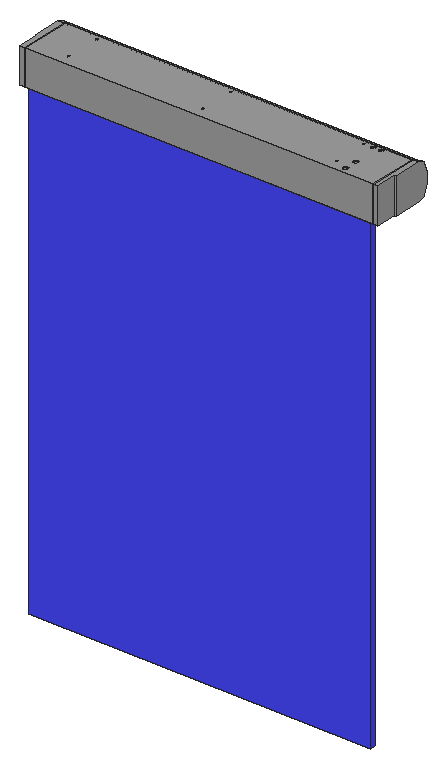
Revit family "Thermoscreens_AirCurtain_T2000NT", category Mechanical Equipment, Revit 2015
Parameters (values of type "T2000W NT")
  WarrantyStartDate(default) = "From date sold"
  WarrantyGuarantorParts = "2 years"
  WarrantyGuarantorLabour = "2 years"
  WarrantyDurationParts = "2 years"
  WarrantyDurationLabour = "2 years"
  WarrantyDescription = "Unit fully covered for 2 years from the date purchased for parts and labour unless warrantly is made void."
  Version = "1.0"
  Uniclass2 = "G52HVAC"
  Type Comments = ""
  TgeNumber(default) = "n/a"
  SustainabilityPerformance = "n/a"
  Shape = "n/a"
  Weight (kg) = "52"
  Usage current = "2.0"
  Unit Width = 233.4 mm
  Unit Length = 2200 mm
  URL = "http://www.thermoscreens.com/"
  TubingLength = "n/a"
  ThermalMassHeatCapacity = "n/a"
  ThermalEfficiency = "n/a"
  TempertureClassification = "Low temperture"
  Supply (50Hz) = "230V~1P&N"
  Status = "New"
  Size = "1137 x 198 x 275"
  ServiceLifeType = "Full cover for 2 years"
  ServiceLifeDuration = "2years"
  SerialNumber(default) = "n/a"
  Right hand assembly = yes
  ReplacementCost = "n/a"
  ReferenceStandard = "n/a"
  Reference = "n/a"
  RatedVoltage = "230v+N"
  ProductionYear = "2015"
  Product URL = "http://www.thermoscreens.com/our-product-range/t-range"
  Process = "n/a"
  PowerFactor = "n/a"
  PowerCurrent = "2.0"
  PlacementType = "n/a"
  PhaseReference = "L1 L2 L3+N+E"
  PhaseAngle = "n/a"
  OutputCapacity = "n/a"
  NumberOfSections = "n/a"
  NumberOfPoles = "n/a"
  NumberOfPanels = "n/a"
  NominalWidth = "198mm"
  NominalVoltage = "n/a"
  NominalLength = "2200mm"
  NominalHeight = "275mm"
  NominalFrequencyRange = "n/a"
  NominalCurrent = "+5% of 230v"
  NBSTypeID = "n/a"
  NBSReference = "n/a"
  NBSNote = "n/a"
  NBSDecription = "Surface mounted air curtain"
  ModelReference = "T2000W NT"
  Model = "T2000E NT"
  Min to max offset from floor = "up to 3meters"
  MethodOfMeasurement = "mm"
  MaxiumMountingHeight = "3000"
  Max.Velocity (m/s) = "7.8"
  Max. Air Volume (m3/h) = "2500"
  Material = "20 gauge sheet steel"
  ManufacturerURL = "http://www.thermoscreens.com/"
  Manufacturer = "Thermoscreens LTD"
  Loading (A)*per phase = "2.0"
  LifeCyclePhase = "n/a"
  Keynote = ""
  IssueDate = "01/04/15"
  InsulationStandardClass = "n/a"
  InstallationDate(default) = "n/a"
  IfcExportType = "n/a"
  IfcExportAs = "n/a"
  IP_Code = "IP21"
  Help = "http://www.thermoscreens.com/contact-us"
  HeatTransferMedium = "n/a"
  HeatTransferDimension = "n/a"
  HeatSource = "Electric heated elements or low pressure hot water coils"
  Heat Output (kW) = "n/a"
  HasProtectiveEarth = "True"
  Grade = "n/a"
  Finish = "Corrision resistant pre-finished 20 gauge sheet steel"
  Filters (optional) = "PS media"
  Features = "n/a"
  Fans = "100mm forward curved plastic bladed crossflow impellers"
  EnergySource = "n/a"
  ElectrialDeviceNominalPower = "n/a"
  DocumentReference = "n/a"
  Description = "Thermoscreens T range of air curtains will provide climate separation and available in standard widths of 1, 1.5 and 2m.  Models available are ambient (without heating), electrical or water heated versions. Water heated (LPHW) versions are available with 2 and 3 row coils. Motorised three port valves are supplied as standard with all LPHW models. Electrical and LPHW models are supplied complete with Ecopower control."
  Created By = "Thermoscreens"
  Cost = 0
  Constituents = "n/a"
  ConductorFunction = "n/a"
  Colour = "RAL standard 9010 (white) this can be changed upon request of the customer"
  CodePerformance = "n/a"
  Center Y = Unit Width / 2  # 116.7 mm
  Center X = Unit Length / 2  # 1100 mm
  BodyMass(kg) = "53"
  BarCode(default) = "n/a"
  BIMObjectName = "Thermoscreens_AirCurtian_T2000ANT"
  Author = "Thermoscreens ltd"
  AssetIdentifier(default) = "n/a"
  Air flow direction = yes
  Air flow = yes
  **dB(A) @3m Med = "56"
  **dB(A) @3m Low = "54"
  **dB(A) @3m High = "57"
Types (4, lengths in mm): name | WarrantyDescription | Weight (kg) | Supply (50Hz) | ModelReference | Model | Max.Velocity (m/s) | Max. Air Volume (m3/h) | IssueDate | Created By | BodyMass(kg)
  (no name) | "Unit fully covered for 2 years from the date purchased for parts and labour unless warrantly is made void." | "52" | "230V~1P&N" | "T2000W NT" | "T2000E NT" | "7.8" | "2500" | "01/04/15" | "Thermoscreens" | "53"
  T2000A NT | "Unit fully covered for 2 years" | "31" | "230V~1P&N" | "T2000A NT" | "T2000A NT" | "8.0" | "2640" | "23/03/15" | "Daniel Smith" | "50"
  T2000W NT | "Unit fully covered for 2 years from the date purchased for parts and labour unless warrantly is made void." | "52" | "230V~1P&N" | "T2000W NT" | "T2000E NT" | "7.8" | "2500" | "01/04/15" | "Thermoscreens" | "53"
  T2000E NT | "Unit fully covered for 2 years" | "31" | "400V~3P&N" | "T2000A NT" | "T2000A NT" | "8.0" | "2640" | "01/04/15" | "Daniel Smith" | "53"
Reference planes
  plane 1 "Center (Front/Back)": y = 0
  plane 2: z = 3000
  plane 3 "Center (Left/Right)": x = 0
Forms (mm)
  Extrusion 1, solid, material "Default"
    sketch origin (1100, -116.7, 3000) x (-1, 0, 0) y (0, 0, -1)
      loop
        line (0, 0) -> (0, -225) -> (2216, -225) -> (2216, 0) -> (0, 0)
    from 0 to -1.2
  Extrusion 2, solid, material "Default"
    sketch origin (1100, -116.7, 3225) x (-1, 0, 0) y (0, -1, 0)
      loop
        line (2216, 0) -> (0, 0) -> (0, -317) -> (2216, -317) -> (2216, 0)
    from 0 to -0.9
  Extrusion 3, solid, material "Default"
    sketch origin (-1100, -176.7, 3000) x (0, -1, 0) y (-1, 0, 0)
      loop
        line (-60, -2200) -> (-60, 16) -> (-377, 16) -> (-377, -2200) -> (-60, -2200)
    from 0 to -0.9
  Extrusion 4, solid, material "Default"
    sketch origin (1100, -116.7, 3000) x (0, 0, 1) y (0, -1, 0)
      loop
        line (225, -317) -> (225, 0) -> (0, 0) -> (0, -317) -> (11.971, -349.889)
        arc (11.971, -349.889) -> (112.5, -377) -> (213.029, -349.889) r 199.942
        line (213.029, -349.889) -> (225, -317)
    from 0 to 30
  Extrusion 5, solid, material "Default"
    sketch origin (-1116, -116.7, 3198) x (0, 0, -1) y (0, -1, 0)
      loop
        line (198, 0) -> (-27, 0) -> (-27, -317) -> (-15.029, -349.889)
        arc (-15.029, -349.889) -> (85.5, -377) -> (186.029, -349.889) r 199.942
        line (186.029, -349.889) -> (198, -317) -> (198, 0)
    from 0 to 30
  Extrusion 6, solid, material "Default"
    sketch origin (1100, -116.7, 3000) x (0, 0, -1) y (0, -1, 0)
      loop
        line (-225, -317) -> (-213.029, -349.889)
        arc (-213.029, -349.889) -> (-112.5, -377) -> (-11.971, -349.889) r 199.942
        line (-11.971, -349.889) -> (0, -317) -> (-225, -317)
    from 0 to 2216
  Extrusion 7, solid, material "Default"
    sketch origin (1130, -116.7, 3000) x (0, 0, 1) y (0, -1, 0)
      loop
        line (213.029, -349.889) -> (225, -317) -> (225, -130) -> (0, -130) -> (0, -317) -> (11.971, -349.889)
        arc (11.971, -349.889) -> (112.5, -377) -> (213.029, -349.889) r 199.942
    from 0 to 10
  Extrusion 8, void
    sketch origin (1130, 13.3, 3225) x (-1, 0, 0) y (0, 1, 0)
      loop
        line (0, 0) -> (-10, 10) -> (-10, 0) -> (0, 0)
    from 0 to 250
  Extrusion 9, solid, material "Default"
    sketch origin (-1146, -116.7, 3198) x (0, 0, -1) y (0, -1, 0)
      loop
        arc (-15.029, -349.889) -> (85.5, -377) -> (186.029, -349.889) r 199.942
        line (186.029, -349.889) -> (198, -317) -> (198, -130) -> (-27, -130) -> (-27, -317) -> (-15.029, -349.889)
    from 0 to 10
  Extrusion 10, void
    sketch origin (-1146, 143.3, 3225) x (1, 0, 0) y (0, -1, 0)
      loop
        line (-10, 130) -> (-10, 120) -> (0, 130) -> (-10, 130)
    from 0 to 250
  Extrusion 11, void
    sketch origin (-1100, -116.7, 3000) x (-1, 0, 0) y (0, -1, 0)
      loop
        line (-2180, -10) -> (-2180, -40) -> (-12.897, -40) -> (-4, -40) -> (-4, -10) -> (-2180, -10)
    from 0 to 0.9
  Extrusion 12, solid, material "Poche", visible <- "Air flow", detail levels fine
    sketch origin (-1100, -116.7, 3000) x (0, -1, 0) y (-1, 0, 0)
      loop
        line (-40, -12.897) -> (-40, -2180) -> (-10, -2180) -> (-10, -4) -> (-40, -4) -> (-40, -12.897)
    from 0 to 3000
  Extrusion 13, void
    sketch origin (1100, -116.7, 3225) x (0, -1, 0) y (-1, 0, 0)
      loop
        circle (-40, 206) r 15
      loop
        circle (-120, 206) r 15
      loop
        circle (-289, 288) r 5
      loop
        circle (-69, 288) r 5
      loop
        circle (-289, 1988) r 5
      loop
        circle (-69, 1988) r 5
      loop
        circle (-289, 1138) r 5
      loop
        circle (-69, 1138) r 5
      loop
        circle (-289, 181) r 12.5
      loop
        circle (-289, 231) r 12.5
    from 0 to 0.9
Cuts and joins
  Extrusion 8 cuts Extrusion 7
  joined: Extrusion 4, Extrusion 7
  Extrusion 10 cuts Extrusion 9
  joined: Extrusion 5, Extrusion 9
  Extrusion 11, Extrusion 13 cuts Extrusion 1
  Extrusion 11, Extrusion 13 cuts Extrusion 2
  Extrusion 11, Extrusion 13 cuts Extrusion 3
  Extrusion 11, Extrusion 13 cuts Extrusion 6
  joined: Extrusion 1, Extrusion 2, Extrusion 3, Extrusion 6
  Extrusion 13 cuts Extrusion 12
Dimensions and locks
  aligned and locked: level to plane 2
Connectors
  piping at (894, 3.3, 3225), diameter 30
    settings: on cut or joined group of Extrusion 1, Extrusion 2, Extrusion 3, Extrusion 6, Extrusion 11, Extrusion 13, index 1, connector inside diameter 609.6 mm, connector length 0 mm, flow factor 0, pipe flow 0.0 L/s, pressure drop 0.0 Pa, fitting loss kfactor 0, connector angle 0.00°, fixture units 0, engagement length 0 mm, angle of deflection 0.00°, flow configuration 0, flow direction 1, fitting loss method 4, system type 19, joint type 0, gender type 0, connector reference index -1, connector utility 0, adjustable connector no, is connector primary yes, connector description ""
  piping at (894, -76.7, 3225), diameter 30
    settings: on cut or joined group of Extrusion 1, Extrusion 2, Extrusion 3, Extrusion 6, Extrusion 11, Extrusion 13, index 2, connector inside diameter 609.6 mm, connector length 0 mm, flow factor 0, pipe flow 0.0 L/s, pressure drop 0.0 Pa, fitting loss kfactor 0, connector angle 0.00°, fixture units 0, engagement length 0 mm, angle of deflection 0.00°, flow configuration 0, flow direction 2, fitting loss method 0, system type 19, joint type 0, gender type 0, connector reference index -1, connector utility 0, adjustable connector no, is connector primary no, connector description ""
  piping at (812, 172.3, 3225), diameter 10
    settings: on cut or joined group of Extrusion 1, Extrusion 2, Extrusion 3, Extrusion 6, Extrusion 11, Extrusion 13, index 3, connector inside diameter 609.6 mm, connector length 0 mm, flow factor 0, pipe flow 0.0 L/s, pressure drop 0.0 Pa, fitting loss kfactor 0, connector angle 0.00°, fixture units 0, engagement length 0 mm, angle of deflection 0.00°, flow configuration 0, flow direction 0, fitting loss method 0, system type 28, joint type 0, gender type 0, connector reference index -1, connector utility 0, adjustable connector no, is connector primary no, connector description ""
  piping at (812, -47.7, 3225), diameter 10
    settings: on cut or joined group of Extrusion 1, Extrusion 2, Extrusion 3, Extrusion 6, Extrusion 11, Extrusion 13, index 4, connector inside diameter 609.6 mm, connector length 0 mm, flow factor 0, pipe flow 0.0 L/s, pressure drop 0.0 Pa, fitting loss kfactor 0, connector angle 0.00°, fixture units 0, engagement length 0 mm, angle of deflection 0.00°, flow configuration 0, flow direction 0, fitting loss method 0, system type 28, joint type 0, gender type 0, connector reference index -1, connector utility 0, adjustable connector no, is connector primary no, connector description ""
  piping at (-38, 172.3, 3225), diameter 10
    settings: on cut or joined group of Extrusion 1, Extrusion 2, Extrusion 3, Extrusion 6, Extrusion 11, Extrusion 13, index 5, connector inside diameter 609.6 mm, connector length 0 mm, flow factor 0, pipe flow 0.0 L/s, pressure drop 0.0 Pa, fitting loss kfactor 0, connector angle 0.00°, fixture units 0, engagement length 0 mm, angle of deflection 0.00°, flow configuration 0, flow direction 0, fitting loss method 0, system type 28, joint type 0, gender type 0, connector reference index -1, connector utility 0, adjustable connector no, is connector primary no, connector description ""
  piping at (-38, -47.7, 3225), diameter 10
    settings: on cut or joined group of Extrusion 1, Extrusion 2, Extrusion 3, Extrusion 6, Extrusion 11, Extrusion 13, index 6, connector inside diameter 609.6 mm, connector length 0 mm, flow factor 0, pipe flow 0.0 L/s, pressure drop 0.0 Pa, fitting loss kfactor 0, connector angle 0.00°, fixture units 0, engagement length 0 mm, angle of deflection 0.00°, flow configuration 0, flow direction 0, fitting loss method 0, system type 28, joint type 0, gender type 0, connector reference index -1, connector utility 0, adjustable connector no, is connector primary no, connector description ""
  piping at (-888, -47.7, 3225), diameter 10
    settings: on cut or joined group of Extrusion 1, Extrusion 2, Extrusion 3, Extrusion 6, Extrusion 11, Extrusion 13, index 7, connector inside diameter 609.6 mm, connector length 0 mm, flow factor 0, pipe flow 0.0 L/s, pressure drop 0.0 Pa, fitting loss kfactor 0, connector angle 0.00°, fixture units 0, engagement length 0 mm, angle of deflection 0.00°, flow configuration 0, flow direction 0, fitting loss method 0, system type 28, joint type 0, gender type 0, connector reference index -1, connector utility 0, adjustable connector no, is connector primary no, connector description ""
  piping at (-888, 172.3, 3225), diameter 10
    settings: on cut or joined group of Extrusion 1, Extrusion 2, Extrusion 3, Extrusion 6, Extrusion 11, Extrusion 13, index 8, connector inside diameter 609.6 mm, connector length 0 mm, flow factor 0, pipe flow 0.0 L/s, pressure drop 0.0 Pa, fitting loss kfactor 0, connector angle 0.00°, fixture units 0, engagement length 0 mm, angle of deflection 0.00°, flow configuration 0, flow direction 0, fitting loss method 0, system type 28, joint type 0, gender type 0, connector reference index -1, connector utility 0, adjustable connector no, is connector primary no, connector description ""
  electrical at (919, 172.3, 3225)
    settings: on cut or joined group of Extrusion 1, Extrusion 2, Extrusion 3, Extrusion 6, Extrusion 11, Extrusion 13, index 9, voltage 0 V, apparent load 0 VA, apparent load phase1 0 VA, apparent load phase2 0 VA, apparent load phase3 0 VA, power factor 1, load classification "Other", number of poles 1, system type 14, power factor state 1, is connector primary yes, connector utility no, sub classification motor no, connector description ""
  electrical at (869, 172.3, 3225)
    settings: on cut or joined group of Extrusion 1, Extrusion 2, Extrusion 3, Extrusion 6, Extrusion 11, Extrusion 13, index 10, voltage 0 V, apparent load 0 VA, apparent load phase1 0 VA, apparent load phase2 0 VA, apparent load phase3 0 VA, power factor 1, load classification "Other", number of poles 1, system type 14, power factor state 1, is connector primary no, connector utility no, sub classification motor no, connector description ""
